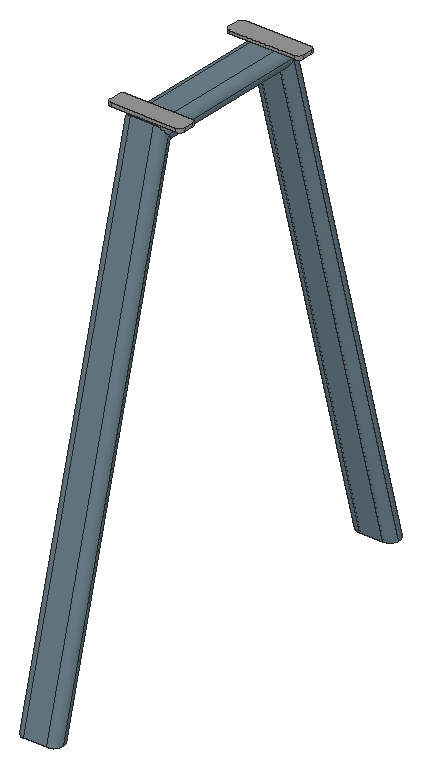
Revit family "FU_Table_Sandler_Plania_PL30230", category Furniture, Revit 2020
Family settings
  OmniClass Number = 23.40.20.00
  OmniClass Title = General Furniture and Specialties
  Work Plane-Based = No
  Always vertical = Yes
  Cut with Voids When Loaded = No
  Shared = No
  Room Calculation Point = No
Parameters (values of type "PL30130")
  Width = 145 mm
  URL = "https://www.sandlerseating.com/product/pl30230/"
  Model = "Plania PL30230"
  Manufacturer = "Sandler"
  Height = 981.5 mm
  Description = "104cm / 41″ high aluminium trestle legs with cable way out for 90cm / 36″ wide Plania table tops. Epoxy finish."
  Depth = 850.8 mm
  Default Elevation = 0 mm
  Aluminum = M2_B40
Reference planes
  plane 1 "Center (Front/Back)": y = 0
  plane 2: z = 0
  plane 3 "Center (Left/Right)": x = 0
  plane 4 "Right": x = -72.5
  plane 5 "Left": x = 72.5
  plane 6 "Back": y = 425.4
  plane 7 "Front": y = -425.4
  plane 8 "Height": z = 981.5
  plane 9 "Seat height": z = 400
  plane 10 "Leg Right Edge": x = -40.5
  plane 11 "Leg Left Edge": x = 40.5
  plane 12 "Right Leg Angle RIGHT": through (4267.2, -407.016, 8.5) normal (0, -0.9659, 0.2588)
  plane 13 "Left Leg Angle LEFT": through (4267.2, 407.016, 8.5) normal (0, -0.9659, -0.2588)
  plane 14 "Top Leg Center RIGHT": z = 957.4
  plane 15 "Glide Height": z = 5.5
  plane 16 "Support Top": z = 975.5
  plane 17: y = -230.458
  plane 18: z = 880.108
  plane 19: y = 230.458
  plane 20 "Right Leg Angle RIGHT": through (4267.2, -479.116, 8.5) normal (0, -0.9659, 0.2588)
  plane 21: y = -302.558
  plane 22 "Left Leg Angle LEFT": through (4267.2, 479.116, 8.5) normal (0, -0.9659, -0.2588)
  plane 23: y = 302.558
Forms (mm)
  Extrusion 1, solid, material "Rubber, Black"
    sketch origin (0, 79.76, 981.5) x (-1, 0, 0) y (0, -1, 0)
      loop
        line (62.5, 242.908) -> (-62.5, 242.908)
        arc (-62.5, 242.908) -> (-69.571, 239.979) -> (-72.5, 232.908) r 10
        line (-72.5, 232.908) -> (-72.5, 215.408)
        arc (-72.5, 215.408) -> (-69.571, 208.336) -> (-62.5, 205.408) r 10
        line (-62.5, 205.408) -> (62.5, 205.408)
        arc (62.5, 205.408) -> (69.571, 208.336) -> (72.5, 215.408) r 10
        line (72.5, 215.408) -> (72.5, 232.908)
        arc (72.5, 232.908) -> (69.571, 239.979) -> (62.5, 242.908) r 10
    from -6 to 0
  Extrusion 2, void
    sketch origin (0, 0, 0) x (0, 1, 0) y (0, 0, 1)
      loop
        line (-427.08, -9.5) -> (-382.858, -9.5) -> (-382.858, 5.5) -> (-427.08, 5.5) -> (-427.08, -9.5)
    from -72.5 to 72.5
  Extrusion 3, void
    sketch origin (0, 0, 0) x (0, -1, 0) y (0, 0, -1)
      loop
        line (-427.08, 9.5) -> (-427.08, -5.5) -> (-382.858, -5.5) -> (-382.858, 9.5) -> (-427.08, 9.5)
    from -72.5 to 72.5
  Extrusion 4, solid
    sketch origin (0, 0, 0) x (1, 0, 0) y (0, 1, 0)
      loop
        arc (-14.25, -403.068) -> (-20.25, -409.068) -> (-14.25, -415.068) r 6
        line (-14.25, -415.068) -> (14.25, -415.068)
        arc (14.25, -415.068) -> (20.25, -409.068) -> (14.25, -403.068) r 6
        line (14.25, -403.068) -> (-14.25, -403.068)
    from 0 to 5.5
  Extrusion 5, solid
    sketch origin (0, 0, 0) x (1, 0, 0) y (0, 1, 0)
      loop
        line (-14.25, 403.068) -> (14.25, 403.068)
        arc (14.25, 403.068) -> (20.25, 409.068) -> (14.25, 415.068) r 6
        line (14.25, 415.068) -> (-14.25, 415.068)
        arc (-14.25, 415.068) -> (-20.25, 409.068) -> (-14.25, 403.068) r 6
    from 0 to 5.5
  Extrusion 6, solid, material "Rubber, Black"
    sketch origin (0, -79.76, 981.5) x (-1, 0, 0) y (0, -1, 0)
      loop
        arc (62.5, -242.908) -> (69.571, -239.979) -> (72.5, -232.908) r 10
        line (72.5, -232.908) -> (72.5, -215.408)
        arc (72.5, -215.408) -> (69.571, -208.336) -> (62.5, -205.408) r 10
        line (62.5, -205.408) -> (-62.5, -205.408)
        arc (-62.5, -205.408) -> (-69.571, -208.336) -> (-72.5, -215.408) r 10
        line (-72.5, -215.408) -> (-72.5, -232.908)
        arc (-72.5, -232.908) -> (-69.571, -239.979) -> (-62.5, -242.908) r 10
        line (-62.5, -242.908) -> (62.5, -242.908)
    from -6 to 0
  Sweep 7, solid, material "M2_B40" <- "Aluminum"
    path origin (0, 0, 0) x (0, 1, 0) y (0, 0, 1)
      loop
        line (-409.068, 0) -> (-152.533, 957.4) -> (152.759, 957.4) -> (409.293, 0)
    profile "Pro Lozenge : W80xH35" origin (0, -280.8, 478.7) x (0, -0.965926, 0.258819) y (1, 0, 0)
      loop
        arc (-17.48, -22.6) -> (-12.381, -34.911) -> (-0.07, -40.01) r 17.41
        arc (-0.07, -40.01) -> (12.361, -34.638) -> (17.48, -22.1) r 17.913
        line (17.48, -22.1) -> (17.48, 22.6)
        arc (17.48, 22.6) -> (12.331, 34.96) -> (-0.07, 40.01) r 17.41
        arc (-0.07, 40.01) -> (-12.381, 34.911) -> (-17.48, 22.6) r 17.41
        line (-17.48, 22.6) -> (-17.48, -22.6)
Cuts and joins
  Extrusion 2, Extrusion 3 cuts Sweep 7
Dimensions and locks
  equal spacing: plane 4 "Right", plane 3 "Center (Left/Right)", plane 5 "Left"
  "Width": plane 4 "Right" to plane 5 "Left"
  equal spacing: plane 6 "Back", plane 1 "Center (Front/Back)", plane 7 "Front"
  "Depth": plane 6 "Back" to plane 7 "Front"
  "Height": plane 8 "Height" to level
  plane 9 "Seat height" to level = 400 mm
  locked: plane 7 "Front" to plane 17 at 194.942
  locked: plane 19 to plane 6 "Back" at 194.942
  plane 8 "Height" to plane 16 "Support Top" to plane 14 "Top Leg Center RIGHT" to plane 18 = 6 mm locked, 18.1 mm locked, 77.292 mm locked
  aligned and locked: level to plane 2
  aligned and locked: plane 15 "Glide Height" to Extrusion 4
Automatic sketch dimensions
  Extrusion 1 sketch curve to plane 5 "Left" = 0 mm
  Extrusion 1 sketch curve to plane 4 "Right" = 0 mm
  Extrusion 1 sketch curve to plane 5 "Left" = 10 mm  (x2)
  plane 4 "Right" to Extrusion 1 sketch curve = 10 mm  (x2)
  plane 17 to Extrusion 1 sketch curve = 67.31 mm
  Extrusion 1 sketch curve to Extrusion 1 sketch curve = 17.5 mm
  Extrusion 2 sketch curve to plane 15 "Glide Height" = 0 mm
  Extrusion 2 sketch curve to plane 7 "Front" = 1.68 mm
  plane 7 "Front" to Extrusion 2 sketch curve = 42.542 mm
  Extrusion 2 sketch curve to level = 9.5 mm
  Extrusion 3 sketch curve to plane 15 "Glide Height" = 0 mm
  Extrusion 3 sketch curve to plane 6 "Back" = 1.68 mm
  plane 6 "Back" to Extrusion 3 sketch curve = 42.542 mm
  level to Extrusion 3 sketch curve = 9.5 mm
  Extrusion 4 sketch curve to plane 3 "Center (Left/Right)" = 14.25 mm
  plane 3 "Center (Left/Right)" to Extrusion 4 sketch curve = 14.25 mm
  plane 7 "Front" to Extrusion 4 sketch curve = 10.332 mm
  Extrusion 4 sketch curve to Extrusion 4 sketch curve = 6 mm
  Extrusion 4 sketch curve to Extrusion 4 sketch curve = 0 mm
  plane 3 "Center (Left/Right)" to Extrusion 5 sketch curve = 14.25 mm
  Extrusion 5 sketch curve to plane 3 "Center (Left/Right)" = 14.25 mm
  plane 6 "Back" to Extrusion 5 sketch curve = 10.332 mm
  Extrusion 5 sketch curve to Extrusion 5 sketch curve = 6 mm
  Extrusion 5 sketch curve to Extrusion 5 sketch curve = 0 mm
  Extrusion 6 sketch curve to plane 5 "Left" = 0 mm
  Extrusion 6 sketch curve to plane 4 "Right" = 0 mm
  plane 5 "Left" to Extrusion 6 sketch curve = 10 mm  (x2)
  Extrusion 6 sketch curve to plane 4 "Right" = 10 mm  (x2)
  Extrusion 6 sketch curve to plane 19 = 67.31 mm
  Extrusion 6 sketch curve to Extrusion 6 sketch curve = 17.5 mm
  Sweep 7 sketch curve to level = 0 mm  (x2)
  Sweep 7 sketch curve to plane 13 "Left Leg Angle LEFT" = 0 mm
  plane 14 "Top Leg Center RIGHT" to Sweep 7 sketch curve = 0 mm
  plane 13 "Left Leg Angle LEFT" to Sweep 7 sketch curve = 0 mm
  Sweep 7 sketch curve to plane 17 = 77.924 mm
  plane 7 "Front" to Sweep 7 sketch curve = 16.332 mm
